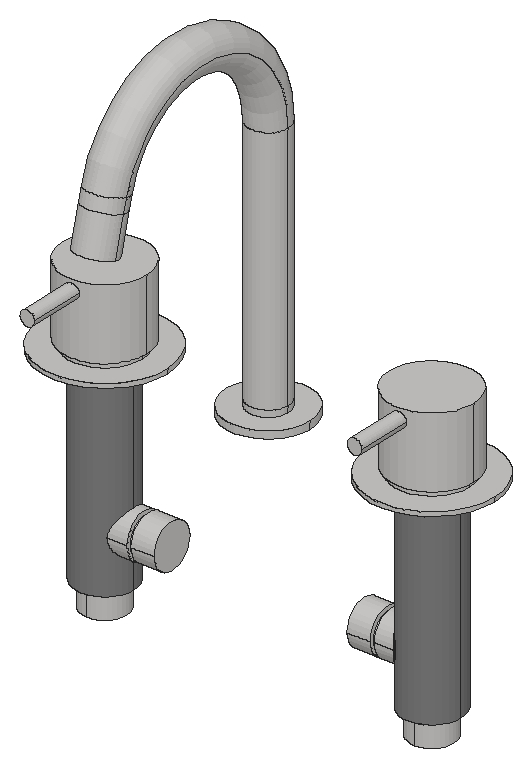
Revit family "HV8", category Generic Models, Revit 2021
Family settings
  Can host rebar = No
  Round Connector Dimension = Use Diameter
  Part Type = Normal
  Work Plane-Based = No
  Always vertical = Yes
  Cut with Voids When Loaded = No
  Shared = No
  Room Calculation Point = No
Parameters (values of type "Standard")
  e-mail = "info@vola.com"
  URL = "http://vola.com"
  Telephone = "+45 7023 5500"
  Quality management standard = "ISO 9001"
  Organisation no. / DUNS no. = "17531328"
  Occupational health and safety management standard = "ISO 18001"
  Mounting Instructions = "http://vola.com/service/producturl.ashx?name=HV8"
  Model = "HV8"
  Materials and components information = "http://vola.com/service/producturl.ashx?name=HV8"
  Manufacturer = "VOLA A/S"
  Maintenance Instructions = "http://vola.com/service/producturl.ashx?name=HV8"
  Guarantee = "2 years"
  Flow = "9,00 l/min"
  Environmental management standard = "ISO 14000"
  Default Elevation = 0.00 mm
  Connection - All relevant connections = "½\" for water connection"
  Approvals = "http://vola.com/service/producturl.ashx?name=HV8"
Reference planes
  plane 1 "Center (Front/Back)": y = 0
  plane 2: z = 0
  plane 3 "Center (Left/Right)": x = 0
Dimensions and locks
  aligned and locked: plane 2 to level
Nested families
  nested 1: "090B" at (0, 0, 0), type "090B"
  nested 2: "S50" at (78, 0, 0), type "S50"
  nested 3: "S50" at (-78, 0, 0) x (-1, 0, 0) z (0, 0, 1), type "S50"
  nested 4: "001" at (-78, 0, 0), type "001"
  nested 5: "001" at (78, 0, 0), type "001"
Connectors
  piping at (-78, 0, -110), diameter 20.9
    settings: on nested 3, index 1, connector inside diameter 0.82283", connector length 0.00 mm, flow factor 0, pipe flow 0 GPM, pressure drop 0.00 psi, fitting loss kfactor 0, connector angle 0.00°, fixture units 0, engagement length 0.00 mm, angle of deflection 0.00°, flow configuration 0, flow direction 0, fitting loss method 0, system type 19, joint type 0, gender type 0, connector reference index -1, connector utility 0, adjustable connector no, is connector primary yes, connector description ""
  piping at (78, 0, -110), diameter 20.9
    settings: on nested 2, index 2, connector inside diameter 0.82283", connector length 0.00 mm, flow factor 0, pipe flow 0 GPM, pressure drop 0.00 psi, fitting loss kfactor 0, connector angle 0.00°, fixture units 0, engagement length 0.00 mm, angle of deflection 0.00°, flow configuration 0, flow direction 0, fitting loss method 0, system type 20, joint type 0, gender type 0, connector reference index -1, connector utility 0, adjustable connector no, is connector primary no, connector description ""
Definition of nested family "090B"
  Parameters
    e-mail = "info@vola.com"
    URL = "http://vola.com"
    Telephone = "+45 7023 5500"
    Quality management standard = "ISO 9001"
    Organisation no. / DUNS no. = "17531328"
    Occupational health and safety management standard = "ISO 18001"
    Mounting Instructions = "http://vola.com/service/producturl.ashx?name=090B"
    Model = "090B"
    Materials and components information = "http://vola.com/service/producturl.ashx?name=090B"
    Manufacturer = "VOLA A/S"
    Maintenance Instructions = "http://vola.com/service/producturl.ashx?name=090B"
    Guarantee = "2 years"
    Environmental management standard = "ISO 14000"
    Default Elevation = 0.00 mm
    Connection - All relevant connections = ""
    Approvals = "http://vola.com/service/producturl.ashx?name=090B"
  Reference planes
    plane 1 "Center (Front/Back)": y = 0
    plane 2: z = 0
    plane 3 "Center (Left/Right)": x = 0
  Forms (mm)
    Sweep 1, solid
      path origin (0, 0, 0) x (0, 1, 0) y (0, 0, 1)
        loop
          line (0, 6.5) -> (0, 125)
          arc (0, 125) -> (-42.604, 173.581) -> (-96.33, 137.682) r 49
          line (-96.33, 137.682) -> (-97.987, 131.5)
      profile origin (0, 0, 65.75) x (0, -1, 0) y (1, 0, 0)
        loop
          circle (0, 0) r 9.5
    Extrusion 2, solid
      sketch origin (0, 0, 0) x (1, 0, 0) y (0, 1, 0)
        loop
          circle (0, 0) r 20
      from 0 to 3.5
    Extrusion 3, solid
      sketch origin (0, 0, 3.5) x (1, 0, 0) y (0, 1, 0)
        loop
          circle (0, 0) r 9.5
      from 0 to 3
    Extrusion 4, solid
      sketch origin (0, -97.987, 131.5) x (1, 0, 0) y (0, -0.965926, 0.258819)
        loop
          circle (0, 0) r 9.5
      from 0 to 18.5
  Cuts and joins
    joined: Sweep 1, Extrusion 2
  Dimensions and locks
    aligned and locked: plane 2 to level
Definition of nested family "S50"
  Parameters
    e-mail = "info@vola.com"
    URL = "http://vola.com"
    Telephone = "+45 7023 5500"
    Quality management standard = "ISO 9001"
    Organisation no. / DUNS no. = "17531328"
    Occupational health and safety management standard = "ISO 18001"
    Mounting Instructions = "http://vola.com/service/producturl.ashx?name=S50"
    Model = "S50"
    Materials and components information = "http://vola.com/service/producturl.ashx?name=S50"
    Manufacturer = "VOLA A/S"
    Maintenance Instructions = "http://vola.com/service/producturl.ashx?name=S50"
    Guarantee = "2 years"
    Flow = "32,00 l/min"
    Environmental management standard = "ISO 14000"
    Default Elevation = 0.00 mm
    Connection - All relevant connections = "½\" for water connection"
    Approvals = "http://vola.com/service/producturl.ashx?name=S50"
  Reference planes
    plane 1 "Center (Front/Back)": y = 0
    plane 2: z = 0
    plane 3 "Center (Left/Right)": x = 0
  Forms (mm)
    Extrusion 1, solid
      sketch origin (0, 0, 2) x (1, 0, 0) y (0, 1, 0)
        loop
          circle (0, 0) r 18
      from 0 to 3
    Extrusion 2, solid
      sketch origin (0, 0, 5) x (1, 0, 0) y (0, 1, 0)
        loop
          circle (0, 0) r 20
      from 0 to 33.5
    Extrusion 3, solid
      sketch origin (0, 0, -1.25) x (1, 0, 0) y (0, 0, 1)
        loop
          circle (0, 34.5) r 3.5
      from 0 to 46
    Extrusion 4, solid
      sketch origin (0, 0, 0) x (1, 0, 0) y (0, 1, 0)
        loop
          circle (0, 0) r 14
      from 2 to -98
    Extrusion 5, solid
      sketch origin (0, 0, -98) x (0, 1, 0) y (1, 0, 0)
        loop
          circle (0, 0) r 9
      from 0 to 2
    Extrusion 6, solid
      sketch origin (0, 0, -100) x (-1, 0, 0) y (0, 1, 0)
        loop
          circle (0, 0) r 10.45
      from 10 to 0
    Extrusion 7, solid
      sketch origin (0, 0, 25) x (0, 1, 0) y (0, 0, 1)
        loop
          circle (0, -98) r 10.5
      from -19 to 0
    Extrusion 8, solid
      sketch origin (-19, 0, 25) x (0, -1, 0) y (0, 0, 1)
        loop
          circle (0, -98) r 9
      from 2 to 0
    Extrusion 9, solid
      sketch origin (-21, 0, 25) x (0, -1, 0) y (0, 0, 1)
        loop
          circle (0, -98) r 10.45
      from 11 to 0
    Extrusion 10, void
      sketch origin (0, 0, -98) x (1, 0, 0) y (0, 1, 0)
        loop
          circle (0, 0) r 14
      from 41.193 to 9.651
  Cuts and joins
    joined: Extrusion 2, Extrusion 3
    Extrusion 10 cuts Extrusion 5
    Extrusion 10 cuts Extrusion 7
  Lines and regions (mm)
    reference lines
      curve 1: line (0, 0, -110) -> (0, 0, -140)
      curve 2: line (-32, 0, -73) -> (-62, 0, -73)
    model lines
      curve 3: line (6.05, 19.063, 38.5) -> (6.05, -19.063, 38.5)
      curve 4: line (-6.05, -19.063, 38.5) -> (-6.05, 19.063, 38.5)
  Dimensions and locks
    aligned and locked: plane 2 to level
Definition of nested family "001"
  Parameters
    e-mail = "info@vola.com"
    URL = "http://vola.com"
    Telephone = "+45 7023 5500"
    Quality management standard = "ISO 9001"
    Organisation no. / DUNS no. = "17531328"
    Occupational health and safety management standard = "ISO 18001"
    Mounting Instructions = "http://vola.com/service/producturl.ashx?name=001"
    Model = "001"
    Materials and components information = "http://vola.com/service/producturl.ashx?name=001"
    Manufacturer = "VOLA A/S"
    Maintenance Instructions = "http://vola.com/service/producturl.ashx?name=001"
    Guarantee = "2 years"
    Environmental management standard = "ISO 14000"
    Default Elevation = 1219.20 mm
    Connection - All relevant connections = ""
    Approvals = "http://vola.com/service/producturl.ashx?name=001"
  Reference planes
    plane 1 "Center (Front/Back)": y = 0
    plane 2: z = 0
    plane 3 "Center (Left/Right)": x = 0
  Forms (mm)
    Extrusion 1, solid
      sketch origin (0, 0, 0) x (1, 0, 0) y (0, 1, 0)
        loop
          circle (0, 0) r 16.5
        loop
          circle (0, 0) r 30
      from 0 to 2
  Dimensions and locks
    aligned and locked: plane 2 to level
